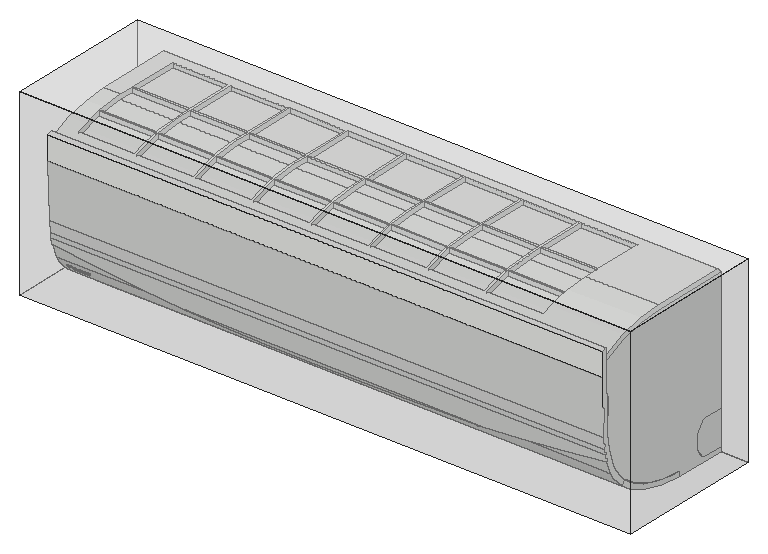
Revit family "outputfile", category 機械設備, Revit 2024
Family settings
  丸型コネクタ寸法 = 半径を使用
  パーツ タイプ = 標準
  OmniClass 番号 = 23.75.10.24.21.27.27
  OmniClass タイトル = Split System Air Conditioning Units
  作業面ベース = いいえ
  常に垂直 = はい
  ロード時にボイドで切り取り = いいえ
  注釈の向きを維持 = いいえ
  共有 = いいえ
  部屋計算ポイント = いいえ
Parameters (values of type "FTKM60QVMA")
  Description = ""
  書き出し IFC クラス(タイプ) = "IfcUnitaryEquipmentType"
  定義済み IFC タイプ(タイプ) = "AIRCONDITIONINGUNIT"
  Cost = 0
  Type Comments = ""
  Keynote = ""
  Type Image = (empty or 0)
  Assembly Code = ""
  w_wall hole = if(Width = 770.0 mm, 48.0 mm, 60.0 mm)  # 60.0 mm
  製造元 = "Daikin"
  モデル = "FTKM60QVMA"
  switch_frequency = yes
  r_Liquid Pipe Size = Liquid Pipe Size / 2  # 3.2 mm
  r_Gas Pipe Size = Gas Pipe Size / 2  # 6.35 mm
  r_Drain Pipe Size = Drain Pipe Size / 2  # 8.0 mm
  lw_powersupply [instance] = if(Width = 770.0 mm, if(or(Rear Right Connection_refrigerant, Bottom Right Connection_refrigerant), 25.0 mm, if(or(Rear Left Connection_refrigerant, Bottom Left Connection_refrigerant), 745.0 mm, 400.0 mm)), if(Width = 990.0 mm, if(or(Rear Right Connection_refrigerant, Bottom Right Connection_refrigerant), 40.0 mm, if(or(Rear Left Connection_refrigerant, Bottom Left Connection_refrigerant), 920.0 mm, 400.0 mm)), if(or(Rear Right Connection_refrigerant, Bottom Right Connection_refrigerant), 40.0 mm, if(or(Rear Left Connection_refrigerant, Bottom Left Connection_refrigerant), 920.0 mm, 400.0 mm))))  # 400.0 mm
  lw_liquidpipe [instance] = if(Width = 770.0 mm, if(or(Rear Right Connection_refrigerant, Bottom Right Connection_refrigerant), 0.0 mm, if(or(Rear Left Connection_refrigerant, Bottom Left Connection_refrigerant), 664.0 mm, 385.0 mm)), if(Width = 900.0 mm, if(or(Rear Right Connection_refrigerant, Bottom Right Connection_refrigerant), 0.0 mm, if(or(Rear Left Connection_refrigerant, Bottom Left Connection_refrigerant), 664.0 mm + (990.0 mm - 770.0 mm), 475.0 mm)), if(or(Rear Right Connection_refrigerant, Bottom Right Connection_refrigerant), 0.0 mm, if(or(Rear Left Connection_refrigerant, Bottom Left Connection_refrigerant), 664.0 mm + (990.0 mm - 770.0 mm), 475.0 mm))))  # 475.0 mm
  lw_gaspipe [instance] = if(Width = 770.0 mm, if(or(Rear Right Connection_refrigerant, Bottom Right Connection_refrigerant), 0.0 mm, if(or(Rear Left Connection_refrigerant, Bottom Left Connection_refrigerant), 675.0 mm, if(Gas Pipe Size = 12.7 mm, 345.0 mm, 335.0 mm))), if(Width = 990.0 mm, if(or(Rear Right Connection_refrigerant, Bottom Right Connection_refrigerant), 10.0 mm, if(or(Rear Left Connection_refrigerant, Bottom Left Connection_refrigerant), 890.0 mm, if(Gas Pipe Size = 15.9 mm, 410.0 mm, 400.0 mm))), if(or(Rear Right Connection_refrigerant, Bottom Right Connection_refrigerant), 10.0 mm, if(or(Rear Left Connection_refrigerant, Bottom Left Connection_refrigerant), 890.0 mm, if(Gas Pipe Size = 15.9 mm, 410.0 mm, 400.0 mm)))))  # 400.0 mm
  lw_drainpipe [instance] = if(Width = 770.0 mm, if(or(Rear Right Connection_refrigerant, Bottom Right Connection_refrigerant), 0.0 mm, if(or(Rear Left Connection_refrigerant, Bottom Left Connection_refrigerant), 770.0 mm - 48.0 mm - 48.0 mm, 440.0 mm)), if(Width = 990.0 mm, if(or(Rear Right Connection_refrigerant, Bottom Right Connection_refrigerant), 0.0 mm, if(or(Rear Left Connection_refrigerant, Bottom Left Connection_refrigerant), 675.0 mm + (990.0 mm - 770.0 mm), 435.0 mm)), if(or(Rear Right Connection_refrigerant, Bottom Right Connection_refrigerant), 0.0 mm, if(or(Rear Left Connection_refrigerant, Bottom Left Connection_refrigerant), 675.0 mm + (990.0 mm - 770.0 mm), 435.0 mm))))  # 435.0 mm
  l_powersupply_length [instance] = if(Width = 770.0 mm, if(Right Connection_refrigerant, 400.0 mm, if(Left Connection_refrigerant, 770.0 mm - 400.0 mm, if(or(Rear Left Connection_refrigerant, Rear Right Connection_refrigerant), 15.0 mm, 50.0 mm))), if(Width = 990.0 mm, if(Right Connection_refrigerant, 400.0 mm, if(Left Connection_refrigerant, 990.0 mm - 400.0 mm, if(or(Rear Left Connection_refrigerant, Rear Right Connection_refrigerant), 15.0 mm, 50.0 mm))), if(Right Connection_refrigerant, 400.0 mm, if(Left Connection_refrigerant, 990.0 mm - 400.0 mm, if(or(Rear Left Connection_refrigerant, Rear Right Connection_refrigerant), 15.0 mm, 50.0 mm)))))  # 400.0 mm
  l_liquidpipe_length [instance] = if(Width = 770.0 mm, if(Right Connection_refrigerant, 433.0 mm, if(Left Connection_refrigerant, 337.0 mm, if(or(Rear Left Connection_refrigerant, Rear Right Connection_refrigerant), 30.0 mm, 40.0 mm))), if(Width = 990.0 mm, if(Right Connection_refrigerant, 535.0 mm, if(Left Connection_refrigerant, 455.0 mm, if(or(Rear Left Connection_refrigerant, Rear Right Connection_refrigerant), 30.0 mm, 40.0 mm))), if(Right Connection_refrigerant, 535.0 mm, if(Left Connection_refrigerant, 455.0 mm, if(or(Rear Left Connection_refrigerant, Rear Right Connection_refrigerant), 30.0 mm, 40.0 mm)))))  # 535.0 mm
  l_gaspipe_length [instance] = if(Width = 770.0 mm, if(Right Connection_refrigerant, if(Gas Pipe Size = 12.7 mm, 393.0 mm, 383.0 mm), if(Left Connection_refrigerant, if(Gas Pipe Size = 12.7 mm, 770.0 mm - 393.0 mm, 770.0 mm - 383.0 mm), if(or(Rear Left Connection_refrigerant, Rear Right Connection_refrigerant), 40.0 mm, 50.0 mm))), if(Width = 990.0 mm, if(Right Connection_refrigerant, if(Gas Pipe Size = 15.9 mm, 470.0 mm, 460.0 mm), if(Left Connection_refrigerant, if(Gas Pipe Size = 15.9 mm, 990.0 mm - 470.0 mm, 990.0 mm - 460.0 mm), if(or(Rear Left Connection_refrigerant, Rear Right Connection_refrigerant), 40.0 mm, 50.0 mm))), if(Right Connection_refrigerant, if(Gas Pipe Size = 15.9 mm, 470.0 mm, 460.0 mm), if(Left Connection_refrigerant, if(Gas Pipe Size = 15.9 mm, 990.0 mm - 470.0 mm, 990.0 mm - 460.0 mm), if(or(Rear Left Connection_refrigerant, Rear Right Connection_refrigerant), 40.0 mm, 50.0 mm)))))  # 460.0 mm
  l_drainpipe_length [instance] = if(Width = 770.0 mm, if(Right Connection_refrigerant, 488.0 mm, if(Left Connection_refrigerant, 282.0 mm, if(or(Rear Left Connection_refrigerant, Rear Right Connection_refrigerant), 15.0 mm, 20.0 mm))), if(Width = 990.0 mm, if(Right Connection_refrigerant, 495.0 mm, if(Left Connection_refrigerant, 495.0 mm, if(or(Rear Left Connection_refrigerant, Rear Right Connection_refrigerant), 15.0 mm, 20.0 mm))), if(Right Connection_refrigerant, 495.0 mm, if(Left Connection_refrigerant, 495.0 mm, if(or(Rear Left Connection_refrigerant, Rear Right Connection_refrigerant), 15.0 mm, 20.0 mm)))))  # 495.0 mm
  h*** = 0.0 mm  # constant formula
  connector_voltage = Voltage_50Hz  # 230 V
  connector_powerinput = [Power Input (Cooling)]  # 0.000 kW
  connector_phase = Phase_50Hz  # 1
  angle_vertical [instance] = if(or(Bottom Left Connection_refrigerant, Bottom Right Connection_refrigerant), 0.00°, 90.00°)  # 90.00°
  angle_horizontal [instance] = if(Right Connection_refrigerant, 90.00°, if(Left Connection_refrigerant, -90.00°, if(or(Rear Left Connection_refrigerant, Rear Right Connection_refrigerant), 180.00°, 0.00°)))  # 90.00°
  Width = 990.0 mm
  Voltage_comment_50Hz = "220 - 240"
  Voltage_50Hz = 230 V
  Version = "ver.1.0"
  Unit Type = "Wall Mounted"
  Unit Mass Weight = 13.00 kg
  Unit Designation [instance] = ""
  Uniclass2015Version = "Products v1.30"
  Uniclass2015Title = "Split coil room air conditioning units"
  Uniclass2015Code = "Pr_70_65_03_86"
  URL = ""
  Total Cooling Capacity [instance] = 0.000 kW
  Sound Pressure Level_M speed (dBA) = 42
  Sound Pressure Level_L speed (dBA) = 36
  Sound Pressure Level_H speed (dBA) = 48
  Sound Power Level_H speed (dB) = 0
  Series = "Single Split_Fan Coil Unit"
  Sensible Cooling Capacity [instance] = 0.000 kW
  Refrigerant Type = "R32"
  Power Input (Cooling) = 0.000 kW
  Phase_50Hz = 1
  Option Accessory 3 [instance] = ""
  Option Accessory 2 [instance] = ""
  Option Accessory 1 [instance] = ""
  Nominal Cooling Capacity = 6.000 kW
  Minimum Circuit Amps_50Hz = 0.0 A
  Minimum Airflow = 720.00 m³/h
  Median Airflow = 900.00 m³/h
  Maximum Fuse Amps_50Hz = 0.0 A
  Maximum Airflow = 1120.00 m³/h
  Material_Casing = DAIKIN_PureWhite_Casing_indoorunit
  Load Classification = HVAC
  Liquid Pipe Size = 6.4 mm
  Link_Nested Family [instance] = ""
  IfcVersion = ""
  IfcExportType = "AIRCONDITIONINGUNIT"
  IfcExportAs = "IfcUnitaryEquipmentType"
  Height = 295.0 mm
  Heat Exchanger Type = "Cross Fin Coil"
  Gas Pipe Size = 12.7 mm
  Frequency_50Hz = 50 Hz
  Fan Type = "Cross Flow Fan"
  Fan Drive = "Direct Drive"
  FCU Tag No. [instance] = ""
  Drain Pipe Size = 16.0 mm
  Design Supply Airflow [instance] = 0.00 m³/h
  Depth = 263.0 mm
  既定の高さ = 0.0 mm
  Cooling Entering Wet Bulb Temperature [instance] = 0.00 °C
  Cooling Entering Dry Bulb Temperature [instance] = 0.00 °C
  Cooling Ambient Wet Bulb Temperature [instance] = 0.00 °C
  Cooling Ambient Dry Bulb Temperature [instance] = 0.00 °C
  Clearance visibility [instance] = yes
  Clearance Top = 30.0 mm
  Clearance Right = 50.0 mm
  Clearance Rear = 0.0 mm
  Clearance Left = 50.0 mm
  Clearance Front = 0.0 mm
  Clearance Bottom = 0.0 mm
  Bottom Right Connection_refrigerant [instance] = no
  Bottom Left Connection_refrigerant [instance] = no
  Rear Right Connection_refrigerant [instance] = no
  Rear Left Connection_refrigerant [instance] = no
  Right Connection_refrigerant [instance] = yes
  Left Connection_refrigerant [instance] = no
Reference planes
  plane 1 "Back": y = 0
  plane 2: z = 0
  plane 3 "Center (Left/Right)": x = 0
  plane 4 "Center (Front/Back)": y = -131.5
  plane 5 "Front": y = -263
  plane 6 "Left": x = -495
  plane 7 "Right": x = 495
  plane 8 "Top": z = 0
  plane 9 "Bottom": z = -295
  plane 10: x = -545
  plane 11: x = 545
  plane 12: y = 0
  plane 13: y = -263
  plane 14: z = 30
  plane 15: z = -295
  plane 16 "lw_Piping and Wiring intake": x = 435
  plane 17 "lw_gaspipe": x = 35
  plane 18 "lw_liquidpipe": x = -40
  plane 19 "lw_drainpipe": x = 0
  plane 20 "lh_drainpipe": z = -275
  plane 21 "lh_liquidpipe": z = -255
  plane 22 "lh_gaspipe": z = -245
  plane 23 "ld_drainpipe": y = -15
  plane 24 "ld_liquidpipe": y = -30
  plane 25 "ld_gaspipe": y = -40
  plane 26 "lw_powersupply": x = 95
Dimensions and locks
  equal spacing: plane 6 "Left", plane 3 "Center (Left/Right)", plane 7 "Right"
  "Width": plane 6 "Left" to plane 7 "Right"
  equal spacing: plane 5 "Front", plane 4 "Center (Front/Back)", plane 1 "Back"
  "Depth": plane 5 "Front" to plane 1 "Back"
  "Height": plane 8 "Top" to plane 9 "Bottom"
  "Clearance Rear": plane 12 to plane 1 "Back"
  "Clearance Front": plane 13 to plane 5 "Front"
  "Clearance Top": plane 14 to plane 8 "Top"
  "Clearance Bottom": plane 9 "Bottom" to plane 15
  "w_wall hole": plane 16 "lw_Piping and Wiring intake" to plane 7 "Right"
  "lw_gaspipe": plane 17 "lw_gaspipe" to plane 16 "lw_Piping and Wiring intake"
  "lw_liquidpipe": plane 18 "lw_liquidpipe" to plane 16 "lw_Piping and Wiring intake"
  "lw_drainpipe": plane 19 "lw_drainpipe" to plane 16 "lw_Piping and Wiring intake"
  locked: plane 20 "lh_drainpipe" to plane 9 "Bottom" at 20
  locked: plane 21 "lh_liquidpipe" to plane 9 "Bottom" at 40
  locked: plane 22 "lh_gaspipe" to plane 9 "Bottom" at 50
  locked: plane 23 "ld_drainpipe" to plane 1 "Back" at 15
  locked: plane 1 "Back" to plane 24 "ld_liquidpipe" at 30
  locked: plane 1 "Back" to plane 25 "ld_gaspipe" at 40
  "lw_powersupply": plane 26 "lw_powersupply" to plane 7 "Right"
  "Clearance Right": plane 7 "Right" to plane 11
  "Clearance Left": plane 10 to plane 6 "Left"
  aligned and locked: level to plane 2
  aligned and locked: plane 12 to nested 1
  aligned and locked: nested 1 to plane 13
  aligned and locked: plane 10 to nested 1
  aligned and locked: plane 11 to nested 1
  aligned and locked: plane 15 to nested 1
  aligned and locked: plane 14 to nested 1
  aligned and locked: plane 17 "lw_gaspipe" to nested 2
  aligned and locked: nested 2 to plane 25 "ld_gaspipe"
  aligned and locked: plane 18 "lw_liquidpipe" to nested 3
  aligned and locked: nested 3 to plane 24 "ld_liquidpipe"
  aligned and locked: plane 19 "lw_drainpipe" to nested 4
  aligned and locked: nested 4 to plane 23 "ld_drainpipe"
  aligned and locked: nested 5 to plane 23 "ld_drainpipe"
  aligned and locked: plane 26 "lw_powersupply" to nested 5
  aligned and locked: level to plane 8 "Top"
  aligned and locked: plane 3 "Center (Left/Right)" to nested 6
  aligned and locked: plane 1 "Back" to nested 6
  aligned and locked: plane 8 "Top" to nested 6
Nested families
  nested 1: "daikin_clearancespace" at (0, -131.5, -132.381), show <- "Clearance visibility", visible <- "Clearance visibility", Link_Nested Family <- "Link_Nested Family", type "daikin_clearancespace"
    with width 1090.0 mm, show yes, height 325.0 mm, depth 263.0 mm, Link_Nested Family ""
  nested 2: "daikin_connector_rotate3" at (35, -40, -245), angle_vertical <- "angle_vertical", angle_horizontal <- "angle_horizontal", length <- "l_gaspipe_length", radius <- "r_Gas Pipe Size", type "daikin_connector_rotate3"
    with show no, radius 6.35 mm, length 460.0 mm, angle_vertical 90.00°, angle_horizontal 90.00°
  nested 3: "daikin_connector_rotate3" at (-40, -30, -255), angle_vertical <- "angle_vertical", angle_horizontal <- "angle_horizontal", radius <- "r_Liquid Pipe Size", length <- "l_liquidpipe_length", type "daikin_connector_rotate3"
    with show no, radius 3.2 mm, length 535.0 mm, angle_vertical 90.00°, angle_horizontal 90.00°
  nested 4: "daikin_connector_rotate3" at (0, -15, -275), angle_vertical <- "angle_vertical", angle_horizontal <- "angle_horizontal", length <- "l_drainpipe_length", radius <- "r_Drain Pipe Size", type "daikin_connector_rotate3"
    with show no, radius 8.0 mm, length 495.0 mm, angle_vertical 90.00°, angle_horizontal 90.00°
  nested 5: "daikin_connector_rotate3" at (95, -15, -245), angle_vertical <- "angle_vertical", angle_horizontal <- "angle_horizontal", length <- "l_powersupply_length", type "daikin_connector_rotate3"
    with show no, radius 10.0 mm, length 400.0 mm, angle_vertical 90.00°, angle_horizontal 90.00°
  nested 6: "DAIKIN_indoorunit_FTKM-QVMA" at (-31, 0, 0), type "FTKM-QVMA"
    with switch_unit1_50-71 yes, switch_unit1_20-46 no, Width 990.0 mm, WALL HOLE-R 60.0 mm, WALL HOLE Size 80.0 mm, Height 295.0 mm
Connectors
  piping at (495, -40, -245), diameter 12.7, driven by "r_Gas Pipe Size"
    settings: on nested 2, index 1, connector inside diameter 609.6 mm, connector length 0.0 mm, flow factor 0, pipe flow 0.00 m³/h, pressure drop 0.0 Pa, fitting loss kfactor 0, connector angle 0.00°, fixture units 0, engagement length 0.0 mm, angle of deflection 0.00°, flow configuration 1, flow direction 2, fitting loss method 0, system type 29, joint type 0, gender type 0, connector reference index -1, connector utility 0, adjustable connector no, is connector primary yes, connector description "Refrigerant Gas Piping"
  piping at (495, -30, -255), diameter 6.4, driven by "r_Liquid Pipe Size"
    settings: on nested 3, index 2, connector inside diameter 609.6 mm, connector length 0.0 mm, flow factor 0, pipe flow 0.00 m³/h, pressure drop 0.0 Pa, fitting loss kfactor 0, connector angle 0.00°, fixture units 0, engagement length 0.0 mm, angle of deflection 0.00°, flow configuration 1, flow direction 1, fitting loss method 0, system type 29, joint type 0, gender type 0, connector reference index -1, connector utility 0, adjustable connector no, is connector primary no, connector description "Refrigerant Liquid Piping"
  piping at (495, -15, -275), diameter 16, driven by "r_Drain Pipe Size"
    settings: on nested 4, index 3, connector inside diameter 609.6 mm, connector length 0.0 mm, flow factor 0, pipe flow 0.00 m³/h, pressure drop 0.0 Pa, fitting loss kfactor 0, connector angle 0.00°, fixture units 0, engagement length 0.0 mm, angle of deflection 0.00°, flow configuration 1, flow direction 2, fitting loss method 4, system type 16, joint type 0, gender type 0, connector reference index -1, connector utility 0, adjustable connector no, is connector primary no, connector description "Condensate Drain Piping"
  electrical at (495, -15, -245), driven by "Load Classification", driven by "connector_powerinput", driven by "connector_voltage", driven by "connector_phase"
    settings: on nested 5, index 4, voltage 230 V, apparent load 0 VA, apparent load phase1 0 VA, apparent load phase2 0 VA, apparent load phase3 0 VA, power factor 1, load classification "HVAC", number of poles 1, system type 30, power factor state 1, is connector primary yes, connector utility no, sub classification motor no, connector description "Power Supply"
Definition of nested family "daikin_clearancespace"
  Parameters (values of type "daikin_clearancespace")
    Description = "daikin_clearancespace"
    width [instance] = 1823.963 mm
    show [instance] = yes
    material = none
    height [instance] = 1359.762 mm
    depth [instance] = 880.0 mm
    Default Elevation = 0.0 mm
    Link_Nested Family [instance] = ""
  Reference planes
    plane 1 "Center (Front/Back)": y = 0
    plane 2 "Center (Elevation)": z = -0.119
    plane 3 "Center (Left/Right)": x = 0
    plane 4: y = 440
    plane 5: y = -440
    plane 6 "Right": x = 911.982
    plane 7 "Left": x = -911.982
    plane 8 "Top": z = 679.762
    plane 9 "Bottom": z = -680
  Forms (mm)
    Extrusion 1, solid, material <- "material", visible <- "show"
      sketch origin (0, 0, 0) x (1, 0, 0) y (0, 1, 0)
        loop
          line (-911.982, 440) -> (-911.982, -440) -> (911.982, -440) -> (911.982, 440) -> (-911.982, 440)
      from -680 to 679.762
  Lines and regions (mm)
    symbolic lines, visible <- "show"
      curve 1: line (911.982, 440, 0) -> (-911.982, 440, 0)
      curve 2: line (-911.982, 440, 0) -> (-911.982, -440, 0)
      curve 3: line (-911.982, -440, 0) -> (911.982, -440, 0)
      curve 4: line (911.982, -440, 0) -> (911.982, 440, 0)
      curve 5: line (911.982, 0, 679.762) -> (-911.982, 0, 679.762)
      curve 6: line (911.982, 0, -680) -> (911.982, 0, 679.762)
      curve 7: line (-911.982, 0, -680) -> (911.982, 0, -680)
      curve 8: line (-911.982, 0, 679.762) -> (-911.982, 0, -680)
      curve 9: line (0, 440, 679.762) -> (0, -440, 679.762)
      curve 10: line (0, -440, 679.762) -> (0, -440, -680)
      curve 11: line (0, 440, -680) -> (0, 440, 679.762)
      curve 12: line (0, -440, -680) -> (0, 440, -680)
  Dimensions and locks
    "width": plane 7 "Left" to plane 6 "Right"
    "depth": plane 4 to plane 5
    "height": plane 8 "Top" to plane 9 "Bottom"
    equal spacing: plane 7 "Left", plane 3 "Center (Left/Right)", plane 6 "Right"
    equal spacing: plane 4, plane 1 "Center (Front/Back)", plane 5
    equal spacing: plane 8 "Top", plane 2 "Center (Elevation)", plane 9 "Bottom"
    aligned and locked: level to plane 2 "Center (Elevation)"
    aligned and locked: Extrusion 1 sketch curve to plane 4
    aligned and locked: plane 7 "Left" to Extrusion 1 sketch curve
    aligned and locked: Extrusion 1 sketch curve to plane 5
    aligned and locked: Extrusion 1 sketch curve to plane 6 "Right"
    aligned and locked: plane 8 "Top" to Extrusion 1
    aligned and locked: curve 1 to Extrusion 1
    aligned and locked: curve 2 to Extrusion 1
    aligned and locked: curve 3 to Extrusion 1
    aligned and locked: curve 4 to Extrusion 1
    aligned and locked: curve 5 to Extrusion 1
    aligned and locked: curve 6 to Extrusion 1
    aligned and locked: curve 7 to Extrusion 1
    aligned and locked: curve 8 to Extrusion 1
    aligned and locked: curve 9 to Extrusion 1
    aligned and locked: curve 10 to Extrusion 1
    aligned and locked: curve 11 to Extrusion 1
    aligned and locked: curve 12 to Extrusion 1
    aligned and locked: Extrusion 1 to plane 9 "Bottom"
Definition of nested family "DAIKIN_indoorunit_FTKM-QVMA"
  Parameters (values of type "FTKM-QVMA")
    switch_unit1_50-71 = Width = 990.0 mm  # no
    switch_unit1_20-46 = Width = 770.0 mm  # yes
    Width = 770.0 mm
    WALL HOLE-R = if(Width = 770.0 mm, 48.0 mm, 60.0 mm)  # 48.0 mm
    WALL HOLE Size = if(Width = 770.0 mm, 65.0 mm, 80.0 mm)  # 65.0 mm
    Material_Casing = none
    Height = if(Width = 770.0 mm, 285.0 mm, 295.0 mm)  # 285.0 mm
    Default Elevation = 0.0 mm
  Reference planes
    plane 1 "Center (Front/Back)": y = 0
    plane 2 "reference_level": z = 0
    plane 3 "Center (Left/Right)": x = 31
    plane 4: x = -354
    plane 5: x = 416
    plane 6: z = -285
  Forms (mm)
    Extrusion 1, solid, material <- "Material_Casing", visible <- "switch_unit1_20-46"
      sketch origin (29, 0, 0) x (0, 1, 0) y (0, 0, 1)
        loop
          line (-5, 0) -> (-98, 0)
          arc (-98, 0) -> (-157.611, -7.211) -> (-213.783, -28.427) r 250
          arc (-213.783, -28.427) -> (-213.842, -32.972) -> (-213.892, -37.516) r 2191
          arc (-213.892, -37.516) -> (-157.832, -15.495) -> (-98.07, -8) r 242
          line (-98.07, -8) -> (0, -8) -> (-5, 0)
      from -383 to 387
    Extrusion 2, solid, material <- "Material_Casing", visible <- "switch_unit1_20-46"
      sketch origin (416, 1296.25, 1200) x (0, 1, 0) y (0, 0, 1)
        loop
          line (-1472.998, -1446.91) -> (-1476.998, -1453.839)
          arc (-1476.998, -1453.839) -> (-1437.481, -1472.422) -> (-1395.25, -1483.538) r 240
          line (-1395.25, -1483.538) -> (-1395.25, -1475.422)
          arc (-1395.25, -1475.422) -> (-1435.407, -1464.663) -> (-1472.998, -1446.91) r 232
      from 0 to -47.5
    Extrusion 3, solid, material <- "Material_Casing", visible <- "switch_unit1_20-46"
      sketch origin (29, 0, 0) x (0, 1, 0) y (0, 0, 1)
        loop
          arc (-223, -60.455) -> (-222.414, -110.646) -> (-220.656, -160.81) r 2149.92
          arc (-220.656, -160.81) -> (-219.65, -174.299) -> (-217.853, -187.706) r 229.911
          arc (-217.853, -187.706) -> (-205.371, -223.594) -> (-181.517, -253.17) r 111
          line (-181.517, -253.17) -> (-177.429, -246.093)
          arc (-177.429, -246.093) -> (-198.77, -218.989) -> (-209.965, -186.36) r 103
          arc (-209.965, -186.36) -> (-211.681, -173.586) -> (-212.651, -160.735) r 221.844
          arc (-212.651, -160.735) -> (-214.739, -93.233) -> (-214.74, -25.699) r 2186.828
          arc (-214.74, -25.699) -> (-214.671, -21.467) -> (-214.594, -17.235) r 2192
          line (-214.594, -17.235) -> (-223, -19.961) -> (-223, -60.455)
      from -383 to 387
    Extrusion 4, solid, material <- "Material_Casing", visible <- "switch_unit1_20-46"
      sketch origin (29, 0, 0) x (0, 1, 0) y (0, 0, 1)
        loop
          line (-181.517, -253.17) -> (-179.597, -249.846)
          arc (-179.597, -249.846) -> (-202.009, -221.399) -> (-213.189, -186.952) r 103
          line (-213.189, -186.952) -> (-217.853, -187.706)
          arc (-217.853, -187.706) -> (-217.533, -189.556) -> (-217.182, -191.4) r 111
          arc (-217.182, -191.4) -> (-213.806, -208.181) -> (-210.362, -224.948) r 4257.809
          arc (-210.362, -224.948) -> (-198.886, -237.857) -> (-186.225, -249.607) r 180
          line (-186.225, -249.607) -> (-181.517, -253.17)
      from -383 to 387
    Extrusion 5, solid, material <- "Material_Casing", visible <- "switch_unit1_20-46"
      sketch origin (29, 0, -20) x (0, 1, 0) y (0, 0, 1)
        loop
          line (0, -265) -> (0, 12) -> (-98.07, 12)
          arc (-98.07, 12) -> (-157.832, 4.505) -> (-213.892, -17.516) r 242
          arc (-213.892, -17.516) -> (-213.638, -79.114) -> (-211.653, -140.681) r 2191
          arc (-211.653, -140.681) -> (-210.685, -153.501) -> (-208.973, -166.243) r 221
          arc (-208.973, -166.243) -> (-197.471, -199.282) -> (-175.482, -226.491) r 102
          arc (-175.482, -226.491) -> (-138.004, -244.019) -> (-98, -254.579) r 231
          line (-98, -254.579) -> (-98, -265) -> (0, -265)
      from -383 to 387
    Extrusion 6, solid, material <- "Material_Casing", visible <- "switch_unit1_20-46"
      sketch origin (-354, 1296.25, 1200) x (0, 1, 0) y (0, 0, 1)
        loop
          line (-1472.998, -1446.91) -> (-1476.998, -1453.839)
          arc (-1476.998, -1453.839) -> (-1437.481, -1472.422) -> (-1395.25, -1483.538) r 240
          line (-1395.25, -1483.538) -> (-1395.25, -1475.422)
          arc (-1395.25, -1475.422) -> (-1435.407, -1464.663) -> (-1472.998, -1446.91) r 232
      from 47 to 0
    Extrusion 7, solid, material <- "Material_Casing", visible <- "switch_unit1_20-46"
      sketch origin (416, 1296.25, 1200) x (0, 1, 0) y (0, 0, 1)
        loop
          line (-1472.998, -1446.91) -> (-1476.998, -1453.839)
          arc (-1476.998, -1453.839) -> (-1443.437, -1470.168) -> (-1407.75, -1481.097) r 240
          line (-1407.75, -1481.097) -> (-1407.75, -1472.894)
          arc (-1407.75, -1472.894) -> (-1441.363, -1462.385) -> (-1472.998, -1446.91) r 232
      from -116.993 to -48.493
    Extrusion 8, solid, material <- "Material_Casing", visible <- "switch_unit1_20-46"
      sketch origin (416, 1296.25, 1200) x (0, 1, 0) y (0, 0, 1)
        loop
          line (-1472.998, -1446.91) -> (-1476.998, -1453.839)
          arc (-1476.998, -1453.839) -> (-1443.437, -1470.168) -> (-1407.75, -1481.097) r 240
          line (-1407.75, -1481.097) -> (-1407.75, -1472.894)
          arc (-1407.75, -1472.894) -> (-1441.363, -1462.385) -> (-1472.998, -1446.91) r 232
      from -717 to -121.993
    Extrusion 9, void
      sketch origin (31, 0, -235) x (1, 0, 0) y (0, 1, 0)
        loop
          line (-252.674, -22.316) -> (-354.941, -22.316) -> (-354.941, -91.341) -> (-252.674, -91.341) -> (-252.674, -22.316)
        loop
          line (-249.341, -91.341) -> (-151.574, -91.341) -> (-151.574, -22.316) -> (-249.341, -22.316) -> (-249.341, -91.341)
        loop
          line (58.309, -22.316) -> (-148.309, -22.316) -> (-148.309, -91.341) -> (58.309, -91.341) -> (58.309, -22.316)
        loop
          line (61.689, -22.316) -> (61.689, -91.341) -> (159.457, -91.341) -> (159.457, -22.316) -> (61.689, -22.316)
        loop
          line (162.789, -22.316) -> (162.789, -91.341) -> (265.057, -91.341) -> (265.057, -22.316) -> (162.789, -22.316)
        loop
          line (-354.941, -94.659) -> (-354.941, -165.259) -> (-252.674, -165.259) -> (-252.674, -94.659) -> (-354.941, -94.659)
        loop
          line (-249.341, -94.659) -> (-249.341, -165.259) -> (-151.574, -165.259) -> (-151.574, -94.659) -> (-249.341, -94.659)
        loop
          line (-148.309, -94.659) -> (-148.309, -165.259) -> (58.309, -165.259) -> (58.309, -94.659) -> (-148.309, -94.659)
        loop
          line (61.689, -94.659) -> (61.689, -165.259) -> (159.457, -165.259) -> (159.457, -94.659) -> (61.689, -94.659)
        loop
          line (162.789, -94.659) -> (162.789, -165.259) -> (265.057, -165.259) -> (265.057, -94.659) -> (162.789, -94.659)
        loop
          line (-354.941, -167.382) -> (-354.941, -192.681) -> (-252.674, -192.681) -> (-252.674, -167.382) -> (-354.941, -167.382)
        loop
          line (-249.341, -167.382) -> (-249.341, -192.681) -> (-151.574, -192.681) -> (-151.574, -167.382) -> (-249.341, -167.382)
        loop
          line (-148.309, -167.382) -> (-148.309, -192.681) -> (58.309, -192.681) -> (58.309, -167.382) -> (-148.309, -167.382)
        loop
          line (159.457, -167.382) -> (61.689, -167.382) -> (61.689, -192.681) -> (159.457, -192.681) -> (159.457, -167.382)
        loop
          line (265.057, -167.382) -> (162.789, -167.382) -> (162.789, -192.681) -> (265.057, -192.681) -> (265.057, -167.382)
      from 201.638 to 250
    Extrusion 10, void
      sketch origin (31, 0, 0) x (1, 0, 0) y (0, 0, 1)
        loop
          arc (597, -174.907) -> (0.056, -245.263) -> (-597, -175.856) r 2585.042
          line (-597, -175.856) -> (-597, -352.872) -> (597, -352.872) -> (597, -174.907)
      from 173 to 315.3
    Extrusion 11, solid, material <- "Material_Casing"
      sketch origin (31, 0, 0) x (1, 0, 0) y (0, 0, 1)
        loop
          circle (337, -240.5) r 32.5
        loop
          circle (-337, -240.5) r 32.5
      from 0 to 5
    Extrusion 12, solid, material <- "Material_Casing", visible <- "switch_unit1_20-46"
      sketch origin (416, 1296.25, 1200) x (0, -1, 0) y (0, 0, 1)
        loop
          line (1326.25, -1417) -> (1296.25, -1417) -> (1296.25, -1477) -> (1326.25, -1477)
          arc (1326.25, -1477) -> (1340.393, -1471.142) -> (1346.25, -1457) r 20
          line (1346.25, -1457) -> (1346.25, -1437)
          arc (1346.25, -1437) -> (1340.393, -1422.858) -> (1326.25, -1417) r 20
      from 0 to 5
    Extrusion 13, solid, material <- "Material_Casing", visible <- "switch_unit1_20-46"
      sketch origin (-354, 1296.25, 1200) x (0, 1, 0) y (0, 0, 1)
        loop
          line (-1296.25, -1417) -> (-1326.25, -1417)
          arc (-1326.25, -1417) -> (-1340.393, -1422.858) -> (-1346.25, -1437) r 20
          line (-1346.25, -1437) -> (-1346.25, -1457)
          arc (-1346.25, -1457) -> (-1340.393, -1471.142) -> (-1326.25, -1477) r 20
          line (-1326.25, -1477) -> (-1296.25, -1477) -> (-1296.25, -1417)
      from 0 to 5
    Extrusion 14, solid, material <- "Material_Casing", visible <- "switch_unit1_20-46"
      sketch origin (31, 0, -285) x (-1, 0, 0) y (0, -1, 0)
        loop
          line (-314, 0) -> (-314, 30)
          arc (-314, 30) -> (-319.858, 44.142) -> (-334, 50) r 20
          line (-334, 50) -> (-354, 50)
          arc (-354, 50) -> (-368.142, 44.142) -> (-374, 30) r 20
          line (-374, 30) -> (-374, 0) -> (-314, 0)
        loop
          line (374, 0) -> (374, 30)
          arc (374, 30) -> (368.142, 44.142) -> (354, 50) r 20
          line (354, 50) -> (334, 50)
          arc (334, 50) -> (319.858, 44.142) -> (314, 30) r 20
          line (314, 30) -> (314, 0) -> (374, 0)
      from 0 to 5
    Extrusion 15, solid, material <- "Material_Casing", visible <- "switch_unit1_50-71"
      sketch origin (31, 0, 0) x (0, 1, 0) y (0, 0, 1)
        loop
          line (-5, 0) -> (-138, 0)
          arc (-138, 0) -> (-197.611, -7.211) -> (-253.783, -28.427) r 250
          arc (-253.783, -28.427) -> (-253.838, -32.687) -> (-253.886, -36.946) r 2191
          arc (-253.886, -36.946) -> (-197.73, -15.346) -> (-138.014, -8) r 246.393
          line (-138.014, -8) -> (0, -8) -> (-5, 0)
      from -495 to 495
    Extrusion 16, solid, material <- "Material_Casing", visible <- "switch_unit1_50-71"
      sketch origin (418, 1296.25, 1200) x (0, 1, 0) y (0, 0, 1)
        loop
          arc (-1515.208, -1454.149) -> (-1506.856, -1460.599) -> (-1497.925, -1466.219) r 110
          arc (-1497.925, -1466.219) -> (-1445.718, -1487.493) -> (-1389.844, -1494.995) r 223
          line (-1389.844, -1494.995) -> (-1389.844, -1486.086) -> (-1404.386, -1486.086)
          arc (-1404.386, -1486.086) -> (-1449.542, -1477.46) -> (-1491.818, -1459.402) r 214.289
          arc (-1491.818, -1459.402) -> (-1501.056, -1453.541) -> (-1509.606, -1446.715) r 101
          line (-1509.606, -1446.715) -> (-1515.208, -1454.149)
      from 108 to 57.5
    Extrusion 17, solid, material <- "Material_Casing", visible <- "switch_unit1_50-71"
      sketch origin (31, 0, 0) x (0, 1, 0) y (0, 0, 1)
        loop
          line (-263, -19.962) -> (-263, -61.6)
          arc (-263, -61.6) -> (-262.414, -110.219) -> (-260.656, -158.81) r 2017.341
          arc (-260.656, -158.81) -> (-255.648, -191.935) -> (-244.041, -223.362) r 164.725
          arc (-244.041, -223.362) -> (-233.569, -239.793) -> (-219.717, -253.495) r 87.379
          line (-219.717, -253.495) -> (-214.706, -246.846)
          arc (-214.706, -246.846) -> (-229.564, -230.029) -> (-240.385, -210.371) r 102
          arc (-240.385, -210.371) -> (-249.049, -182.962) -> (-252.848, -154.467) r 165.789
          arc (-252.848, -154.467) -> (-254.771, -90.102) -> (-254.74, -25.708) r 2122.533
          arc (-254.74, -25.708) -> (-254.671, -21.469) -> (-254.594, -17.23) r 2192
          line (-254.594, -17.23) -> (-263, -19.962)
      from -495 to 495
    Extrusion 18, void
      sketch origin (33, 0, 0) x (1, 0, 0) y (0, 1, 0)
        loop
          line (-466.909, -22.316) -> (-466.909, -111.341) -> (-366.303, -111.341) -> (-366.303, -22.316) -> (-466.909, -22.316)
        loop
          line (-362.71, -22.316) -> (-362.71, -111.341) -> (-262.103, -111.341) -> (-262.103, -22.316) -> (-362.71, -22.316)
        loop
          line (-258.51, -22.316) -> (-258.51, -111.341) -> (-157.904, -111.341) -> (-157.904, -22.316) -> (-258.51, -22.316)
        loop
          line (-154.31, -22.316) -> (-154.31, -111.341) -> (-53.704, -111.341) -> (-53.704, -22.316) -> (-154.31, -22.316)
        loop
          line (-50.11, -22.316) -> (-50.11, -111.341) -> (50.496, -111.341) -> (50.496, -22.316) -> (-50.11, -22.316)
        loop
          line (54.089, -22.316) -> (54.089, -111.341) -> (154.696, -111.341) -> (154.696, -22.316) -> (54.089, -22.316)
        loop
          line (158.289, -22.316) -> (158.289, -111.341) -> (258.895, -111.341) -> (258.895, -22.316) -> (158.289, -22.316)
        loop
          line (262.489, -22.316) -> (262.489, -111.341) -> (363.095, -111.341) -> (363.095, -22.316) -> (262.489, -22.316)
        loop
          line (-466.909, -114.459) -> (-466.909, -185.059) -> (-366.303, -185.059) -> (-366.303, -114.459) -> (-466.909, -114.459)
        loop
          line (-362.71, -114.459) -> (-362.71, -185.059) -> (-262.103, -185.059) -> (-262.103, -114.459) -> (-362.71, -114.459)
        loop
          line (-258.51, -114.459) -> (-258.51, -185.059) -> (-157.904, -185.059) -> (-157.904, -114.459) -> (-258.51, -114.459)
        loop
          line (-154.31, -114.459) -> (-154.31, -185.059) -> (-53.704, -185.059) -> (-53.704, -114.459) -> (-154.31, -114.459)
        loop
          line (-50.11, -114.459) -> (-50.11, -185.059) -> (50.496, -185.059) -> (50.496, -114.459) -> (-50.11, -114.459)
        loop
          line (54.089, -114.459) -> (54.089, -185.059) -> (154.696, -185.059) -> (154.696, -114.459) -> (54.089, -114.459)
        loop
          line (158.289, -114.459) -> (158.289, -185.059) -> (258.895, -185.059) -> (258.895, -114.459) -> (158.289, -114.459)
        loop
          line (262.489, -114.459) -> (262.489, -185.059) -> (363.095, -185.059) -> (363.095, -114.459) -> (262.489, -114.459)
        loop
          line (-466.909, -187.382) -> (-466.909, -232.681) -> (-366.303, -232.681) -> (-366.303, -187.382) -> (-466.909, -187.382)
        loop
          line (-362.71, -187.382) -> (-362.71, -232.681) -> (-262.103, -232.681) -> (-262.103, -187.382) -> (-362.71, -187.382)
        loop
          line (-258.51, -187.382) -> (-258.51, -232.681) -> (-157.904, -232.681) -> (-157.904, -187.382) -> (-258.51, -187.382)
        loop
          line (-154.31, -187.382) -> (-154.31, -232.681) -> (-53.704, -232.681) -> (-53.704, -187.382) -> (-154.31, -187.382)
        loop
          line (-50.11, -187.382) -> (-50.11, -232.681) -> (50.496, -232.681) -> (50.496, -187.382) -> (-50.11, -187.382)
        loop
          line (54.089, -187.382) -> (54.089, -232.681) -> (154.696, -232.681) -> (154.696, -187.382) -> (54.089, -187.382)
        loop
          line (158.289, -187.382) -> (158.289, -232.681) -> (258.895, -232.681) -> (258.895, -187.382) -> (158.289, -187.382)
        loop
          line (262.489, -187.382) -> (262.489, -232.681) -> (363.095, -232.681) -> (363.095, -187.382) -> (262.489, -187.382)
      from -40.013 to 47.268
    Extrusion 19, void
      sketch origin (33, 0, 2300) x (1, 0, 0) y (0, 0, 1)
        loop
          line (705, -2672.872) -> (705, -2462.4)
          arc (705, -2462.4) -> (-2.043, -2534.819) -> (-709, -2461.567) r 3467.757
          line (-709, -2461.567) -> (-709, -2672.872) -> (705, -2672.872)
      from 173 to 315.3
    Extrusion 20, solid, material <- "Material_Casing", visible <- "switch_unit1_50-71"
      sketch origin (-356, 1296.25, 1200) x (0, 1, 0) y (0, 0, -1)
        loop
          line (-1515.208, 1454.149) -> (-1509.606, 1446.715)
          arc (-1509.606, 1446.715) -> (-1501.056, 1453.541) -> (-1491.818, 1459.402) r 101
          arc (-1491.818, 1459.402) -> (-1449.542, 1477.46) -> (-1404.386, 1486.086) r 214.289
          line (-1404.386, 1486.086) -> (-1389.844, 1486.086) -> (-1389.844, 1494.995)
          arc (-1389.844, 1494.995) -> (-1445.718, 1487.493) -> (-1497.925, 1466.219) r 223
          arc (-1497.925, 1466.219) -> (-1506.856, 1460.599) -> (-1515.208, 1454.149) r 110
      from 108 to 61
    Extrusion 21, solid, material <- "Material_Casing", visible <- "switch_unit1_50-71"
      sketch origin (418, 1296.25, 1200) x (0, 1, 0) y (0, 0, 1)
        loop
          arc (-1515.208, -1454.149) -> (-1506.856, -1460.599) -> (-1497.925, -1466.219) r 110
          arc (-1497.925, -1466.219) -> (-1463.185, -1482.066) -> (-1426.25, -1491.755) r 223
          line (-1426.25, -1491.755) -> (-1426.25, -1483.166)
          arc (-1426.25, -1483.166) -> (-1460.008, -1473.969) -> (-1491.818, -1459.402) r 214.289
          arc (-1491.818, -1459.402) -> (-1501.056, -1453.541) -> (-1509.606, -1446.715) r 101
          line (-1509.606, -1446.715) -> (-1515.208, -1454.149)
      from 56.5 to -36.993
    Extrusion 22, solid, material <- "Material_Casing", visible <- "switch_unit1_50-71"
      sketch origin (418, 1296.25, 1200) x (0, 1, 0) y (0, 0, 1)
        loop
          arc (-1426.25, -1483.166) -> (-1443.442, -1479.224) -> (-1460.25, -1473.881) r 214.289
          line (-1460.25, -1473.881) -> (-1460.25, -1483.089)
          arc (-1460.25, -1483.089) -> (-1443.421, -1488.091) -> (-1426.25, -1491.755) r 223
          line (-1426.25, -1491.755) -> (-1426.25, -1483.166)
      from -43.493 to -828.893
    Extrusion 23, solid, material <- "Material_Casing", visible <- "switch_unit1_50-71"
      sketch origin (418, 1296.25, 1200) x (0, 1, 0) y (0, 0, 1)
        loop
          arc (-1515.208, -1454.149) -> (-1506.856, -1460.599) -> (-1497.925, -1466.219) r 110
          arc (-1497.925, -1466.219) -> (-1479.479, -1475.527) -> (-1460.25, -1483.089) r 223
          line (-1460.25, -1483.089) -> (-1460.25, -1473.881)
          arc (-1460.25, -1473.881) -> (-1476.328, -1467.282) -> (-1491.818, -1459.402) r 214.289
          arc (-1491.818, -1459.402) -> (-1501.056, -1453.541) -> (-1509.606, -1446.715) r 101
          line (-1509.606, -1446.715) -> (-1515.208, -1454.149)
      from -43.493 to -828.893
    Extrusion 24, solid, material <- "Material_Casing", visible <- "switch_unit1_50-71"
      sketch origin (31, 0, 0) x (0, 1, 0) y (0, 0, 1)
        loop
          arc (-217.78, -250.924) -> (-234.088, -233.307) -> (-245.826, -212.366) r 102
          arc (-245.826, -212.366) -> (-251.608, -196.062) -> (-255.659, -179.245) r 165.789
          line (-255.659, -179.245) -> (-258.299, -179.737)
          arc (-258.299, -179.737) -> (-257.524, -183.799) -> (-256.646, -187.84) r 164.725
          arc (-256.646, -187.84) -> (-252.868, -206.25) -> (-249.973, -224.82) r 393.089
          arc (-249.973, -224.82) -> (-239.237, -236.969) -> (-227.451, -248.102) r 180
          arc (-227.451, -248.102) -> (-223.723, -250.998) -> (-219.717, -253.495) r 45.878
          line (-219.717, -253.495) -> (-217.78, -250.924)
      from -495 to 495
    Extrusion 25, solid, material <- "Material_Casing", visible <- "switch_unit1_50-71"
      sketch origin (31, 0, -30) x (0, 1, 0) y (0, 0, 1)
        loop
          line (0, 22) -> (-138.014, 22)
          arc (-138.014, 22) -> (-197.73, 14.654) -> (-253.886, -6.946) r 246.393
          arc (-253.886, -6.946) -> (-253.682, -65.635) -> (-251.855, -124.295) r 2120.935
          arc (-251.855, -124.295) -> (-248.086, -152.682) -> (-239.461, -179.988) r 164.789
          arc (-239.461, -179.988) -> (-228.903, -199.231) -> (-214.437, -215.738) r 101
          line (-214.437, -215.738) -> (-212.406, -216.221)
          arc (-212.406, -216.221) -> (-204.07, -222.837) -> (-195.079, -228.53) r 100
          arc (-195.079, -228.53) -> (-145.557, -248.629) -> (-92.593, -255.785) r 213.289
          line (-92.593, -255.785) -> (-92.593, -265) -> (0, -265) -> (0, 22)
      from -495 to 495
    Extrusion 26, solid, material <- "Material_Casing", visible <- "switch_unit1_50-71"
      sketch origin (526, 1296.25, 1200) x (0, -1, 0) y (0, 0, 1)
        loop
          line (1326.25, -1427.035) -> (1296.25, -1427.035) -> (1296.25, -1487.035) -> (1326.25, -1487.035)
          arc (1326.25, -1487.035) -> (1340.393, -1481.177) -> (1346.25, -1467.035) r 20
          line (1346.25, -1467.035) -> (1346.25, -1447.035)
          arc (1346.25, -1447.035) -> (1340.393, -1432.892) -> (1326.25, -1427.035) r 20
      from 0 to 5
    Extrusion 27, solid, material <- "Material_Casing", visible <- "switch_unit1_50-71"
      sketch origin (-459, 1296.25, 1200) x (0, -1, 0) y (0, 0, 1)
        loop
          line (1326.25, -1427.035) -> (1296.25, -1427.035) -> (1296.25, -1487.035) -> (1326.25, -1487.035)
          arc (1326.25, -1487.035) -> (1340.393, -1481.177) -> (1346.25, -1467.035) r 20
          line (1346.25, -1467.035) -> (1346.25, -1447.035)
          arc (1346.25, -1447.035) -> (1340.393, -1432.892) -> (1326.25, -1427.035) r 20
      from 0 to 5
    Extrusion 28, solid, material <- "Material_Casing", visible <- "switch_unit1_50-71"
      sketch origin (31, 200, -295) x (-1, 0, 0) y (0, -1, 0)
        loop
          line (469, 200) -> (469, 230)
          arc (469, 230) -> (463.142, 244.142) -> (449, 250) r 20
          line (449, 250) -> (429, 250)
          arc (429, 250) -> (414.858, 244.142) -> (409, 230) r 20
          line (409, 230) -> (409, 200) -> (469, 200)
        loop
          line (-469, 200) -> (-409, 200) -> (-409, 230)
          arc (-409, 230) -> (-414.858, 244.142) -> (-429, 250) r 20
          line (-429, 250) -> (-449, 250)
          arc (-449, 250) -> (-463.142, 244.142) -> (-469, 230) r 20
          line (-469, 230) -> (-469, 200)
      from 0 to 5
  Cuts and joins
    Extrusion 9 cuts Extrusion 1
    Extrusion 10 cuts Extrusion 4
    joined: Extrusion 3, Extrusion 4
    Extrusion 18 cuts Extrusion 15
    Extrusion 19 cuts Extrusion 24
    joined: Extrusion 17, Extrusion 24
  Lines and regions (mm)
    reference lines
      curve 1: line (-523, -201.911, -229.404) -> (-523, -193.542, -239.977)
      curve 2: line (-523, -240.779, -229.404) -> (-523, -232.411, -239.977)
  Dimensions and locks
    locked: Extrusion 10 sketch curve to Extrusion 10 sketch curve at 1194
    Extrusion 10 sketch curve to Extrusion 10 sketch curve = 1194.0 mm
    locked: Extrusion 12 sketch curve to Extrusion 12 sketch curve at 60
    locked: Extrusion 12 sketch curve to Extrusion 12 sketch curve at 50
    locked: Extrusion 14 sketch curve to Extrusion 14 sketch curve at 60  (x2)
    locked: Extrusion 14 sketch curve to Extrusion 14 sketch curve at 50
    equal spacing: plane 5, plane 3 "Center (Left/Right)", plane 4
    "Width": plane 5 to plane 4
    locked: Extrusion 11 sketch curve to plane 4 at 48
    "WALL HOLE-R": plane 5 to Extrusion 11 sketch curve
    "Height": plane 2 "reference_level" to plane 6
    locked: Extrusion 11 sketch curve to plane 6 at 44.5  (x2)
    locked: cut or joined group of Extrusion 3, Extrusion 4, Extrusion 10 to nested 1 at 15
    locked: Extrusion 17 to nested 2 at 15
    locked: Extrusion 26 sketch curve to Extrusion 26 sketch curve at 60
    locked: Extrusion 26 sketch curve to Extrusion 26 sketch curve at 50
    locked: Extrusion 27 sketch curve to Extrusion 27 sketch curve at 60
    locked: Extrusion 27 sketch curve to Extrusion 27 sketch curve at 50
    locked: Extrusion 28 sketch curve to Extrusion 28 sketch curve at 60  (x2)
    locked: Extrusion 28 sketch curve to Extrusion 28 sketch curve at 50  (x2)
    "WALL HOLE Size": diameter of Extrusion 11 sketch curve  (x2)
    aligned and locked: level to plane 2 "reference_level"
    aligned and locked: nested 1 to curve 1
    aligned and locked: Extrusion 13 sketch curve to Extrusion 12  (x4)
    aligned and locked: Extrusion 14 sketch curve to Extrusion 14 sketch curve  (x2)
    aligned and locked: Extrusion 11 to plane 1 "Center (Front/Back)"
    aligned and locked: nested 2 to curve 2
  Automatic sketch dimensions
    Extrusion 10 sketch curve to plane 3 "Center (Left/Right)" = 597.0 mm
    Extrusion 10 sketch curve to plane 3 "Center (Left/Right)" = 2.0 mm
    Extrusion 10 sketch curve to level = 352.872 mm
    Extrusion 10 sketch curve to level = 175.856 mm
    Extrusion 10 sketch curve to level = 174.907 mm
    curve 1 to level = 239.977 mm
    plane 1 "Center (Front/Back)" to curve 1 = 193.542 mm
    curve 2 to curve 1 = 0.0 mm
    curve 2 to curve 2 = 10.573 mm
    curve 1 to curve 1 = 10.573 mm
    curve 1 to curve 1 = 8.368 mm
    curve 1 to curve 2 = 30.5 mm
    curve 2 to curve 2 = 8.368 mm
    Extrusion 19 sketch curve to plane 3 "Center (Left/Right)" = 707.0 mm
    plane 3 "Center (Left/Right)" to Extrusion 19 sketch curve = 2.0 mm
    plane 3 "Center (Left/Right)" to Extrusion 19 sketch curve = 707.0 mm
    Extrusion 19 sketch curve to level = 372.872 mm
    Extrusion 19 sketch curve to level = 162.4 mm
    Extrusion 19 sketch curve to level = 161.567 mm
    Extrusion 1 sketch curve to level = 0.0 mm
    Extrusion 1 sketch curve to plane 1 "Center (Front/Back)" = 0.0 mm
    plane 1 "Center (Front/Back)" to Extrusion 1 sketch curve = 5.0 mm
    plane 1 "Center (Front/Back)" to Extrusion 1 sketch curve = 98.0 mm
    Extrusion 1 sketch curve to Extrusion 1 sketch curve = 0.07 mm
    Extrusion 1 sketch curve to level = 59.292 mm
    Extrusion 1 sketch curve to plane 1 "Center (Front/Back)" = 1977.0 mm
    Extrusion 1 sketch curve to level = 250.0 mm
    Extrusion 1 sketch curve to Extrusion 1 sketch curve = 0.0 mm
    Extrusion 1 sketch curve to level = 8.0 mm
    Extrusion 1 sketch curve to level = 28.427 mm
    plane 1 "Center (Front/Back)" to Extrusion 2 sketch curve = 180.748 mm
    Extrusion 2 sketch curve to Extrusion 2 sketch curve = 4.0 mm
    Extrusion 2 sketch curve to Extrusion 2 sketch curve = 77.747 mm
    plane 1 "Center (Front/Back)" to Extrusion 2 sketch curve = 59.279 mm
    Extrusion 2 sketch curve to Extrusion 2 sketch curve = 0.0 mm
    Extrusion 2 sketch curve to level = 283.538 mm
    Extrusion 2 sketch curve to Extrusion 2 sketch curve = 8.116 mm
    Extrusion 2 sketch curve to Extrusion 2 sketch curve = 21.583 mm
    Extrusion 2 sketch curve to Extrusion 2 sketch curve = 6.929 mm
    Extrusion 3 sketch curve to level = 19.961 mm
    plane 1 "Center (Front/Back)" to Extrusion 3 sketch curve = 223.0 mm
    Extrusion 3 sketch curve to level = 17.235 mm
    Extrusion 3 sketch curve to Extrusion 3 sketch curve = 8.406 mm
    plane 1 "Center (Front/Back)" to Extrusion 3 sketch curve = 181.517 mm
    Extrusion 3 sketch curve to Extrusion 3 sketch curve = 4.087 mm
    Extrusion 3 sketch curve to Extrusion 3 sketch curve = 69.11 mm
    Extrusion 3 sketch curve to Extrusion 3 sketch curve = 0.001 mm
    Extrusion 3 sketch curve to plane 1 "Center (Front/Back)" = 8.955 mm
    Extrusion 3 sketch curve to Extrusion 3 sketch curve = 0.067 mm
    Extrusion 3 sketch curve to level = 60.455 mm
    Extrusion 3 sketch curve to Extrusion 3 sketch curve = 1917.898 mm
    Extrusion 3 sketch curve to Extrusion 3 sketch curve = 44.907 mm
    Extrusion 3 sketch curve to Extrusion 3 sketch curve = 5.172 mm
    Extrusion 3 sketch curve to level = 150.456 mm
    Extrusion 3 sketch curve to Extrusion 3 sketch curve = 0.006 mm
    Extrusion 3 sketch curve to Extrusion 3 sketch curve = 19.265 mm
    Extrusion 3 sketch curve to Extrusion 3 sketch curve = 0.004 mm
    Extrusion 3 sketch curve to Extrusion 3 sketch curve = 76.368 mm
    Extrusion 3 sketch curve to Extrusion 3 sketch curve = 7.077 mm
    Extrusion 3 sketch curve to Extrusion 3 sketch curve = 1.002 mm
    Extrusion 3 sketch curve to Extrusion 3 sketch curve = 0.046 mm
    Extrusion 3 sketch curve to Extrusion 3 sketch curve = 8.005 mm
    Extrusion 3 sketch curve to Extrusion 3 sketch curve = 0.147 mm
    Extrusion 3 sketch curve to Extrusion 3 sketch curve = 0.0 mm
    plane 1 "Center (Front/Back)" to Extrusion 4 sketch curve = 217.853 mm
    Extrusion 4 sketch curve to Extrusion 4 sketch curve = 4.664 mm
    Extrusion 4 sketch curve to Extrusion 4 sketch curve = 26.964 mm
    Extrusion 4 sketch curve to Extrusion 4 sketch curve = 4.708 mm
    Extrusion 4 sketch curve to Extrusion 4 sketch curve = 1.92 mm
    Extrusion 4 sketch curve to Extrusion 4 sketch curve = 68.441 mm
    Extrusion 4 sketch curve to Extrusion 4 sketch curve = 2.837 mm
    Extrusion 4 sketch curve to Extrusion 4 sketch curve = 38.066 mm
    level to Extrusion 4 sketch curve = 640.031 mm
    Extrusion 4 sketch curve to plane 1 "Center (Front/Back)" = 3958.661 mm
    Extrusion 4 sketch curve to level = 111.946 mm
    Extrusion 4 sketch curve to Extrusion 4 sketch curve = 57.779 mm
    Extrusion 4 sketch curve to Extrusion 4 sketch curve = 3.149 mm
    Extrusion 4 sketch curve to Extrusion 4 sketch curve = 14.078 mm
    Extrusion 4 sketch curve to Extrusion 4 sketch curve = 0.754 mm
    Extrusion 4 sketch curve to Extrusion 4 sketch curve = 0.239 mm
    Extrusion 4 sketch curve to Extrusion 4 sketch curve = 3.324 mm
    Extrusion 4 sketch curve to Extrusion 4 sketch curve = 0.0 mm
    Extrusion 5 sketch curve to plane 1 "Center (Front/Back)" = 0.0 mm
    plane 1 "Center (Front/Back)" to Extrusion 5 sketch curve = 59.278 mm
    Extrusion 5 sketch curve to Extrusion 5 sketch curve = 98.0 mm
    Extrusion 5 sketch curve to Extrusion 5 sketch curve = 0.0 mm  (x3)
    Extrusion 5 sketch curve to level = 8.0 mm
    Extrusion 5 sketch curve to Extrusion 5 sketch curve = 38.791 mm
    Extrusion 5 sketch curve to Extrusion 5 sketch curve = 10.249 mm
    Extrusion 5 sketch curve to plane 1 "Center (Front/Back)" = 9.11 mm
    Extrusion 5 sketch curve to level = 59.292 mm
    Extrusion 5 sketch curve to Extrusion 5 sketch curve = 1967.89 mm
    Extrusion 5 sketch curve to Extrusion 5 sketch curve = 142.454 mm
    Extrusion 5 sketch curve to Extrusion 5 sketch curve = 19.271 mm
    Extrusion 5 sketch curve to Extrusion 5 sketch curve = 80.275 mm
    Extrusion 5 sketch curve to Extrusion 5 sketch curve = 24.579 mm
    Extrusion 5 sketch curve to Extrusion 5 sketch curve = 10.421 mm
    Extrusion 5 sketch curve to level = 46.847 mm
    Extrusion 5 sketch curve to Extrusion 5 sketch curve = 77.412 mm
    Extrusion 5 sketch curve to Extrusion 5 sketch curve = 33.49 mm
    Extrusion 5 sketch curve to Extrusion 5 sketch curve = 2.68 mm
    plane 1 "Center (Front/Back)" to Extrusion 6 sketch curve = 180.748 mm
    Extrusion 6 sketch curve to Extrusion 6 sketch curve = 4.0 mm
    Extrusion 6 sketch curve to Extrusion 6 sketch curve = 77.747 mm
    plane 1 "Center (Front/Back)" to Extrusion 6 sketch curve = 59.279 mm
    Extrusion 6 sketch curve to Extrusion 6 sketch curve = 0.0 mm
    Extrusion 6 sketch curve to level = 283.538 mm
    Extrusion 6 sketch curve to Extrusion 6 sketch curve = 8.116 mm
    Extrusion 6 sketch curve to Extrusion 6 sketch curve = 21.583 mm
    Extrusion 6 sketch curve to Extrusion 6 sketch curve = 6.929 mm
    plane 1 "Center (Front/Back)" to Extrusion 7 sketch curve = 180.748 mm
    Extrusion 7 sketch curve to Extrusion 7 sketch curve = 4.0 mm
    Extrusion 7 sketch curve to Extrusion 7 sketch curve = 65.247 mm
    plane 1 "Center (Front/Back)" to Extrusion 7 sketch curve = 59.279 mm
    Extrusion 7 sketch curve to Extrusion 7 sketch curve = 0.0 mm
    Extrusion 7 sketch curve to level = 281.097 mm
    Extrusion 7 sketch curve to Extrusion 7 sketch curve = 8.203 mm
    Extrusion 7 sketch curve to Extrusion 7 sketch curve = 19.055 mm
    Extrusion 7 sketch curve to Extrusion 7 sketch curve = 6.929 mm
    plane 1 "Center (Front/Back)" to Extrusion 8 sketch curve = 180.748 mm
    Extrusion 8 sketch curve to Extrusion 8 sketch curve = 4.0 mm
    Extrusion 8 sketch curve to Extrusion 8 sketch curve = 65.247 mm
    plane 1 "Center (Front/Back)" to Extrusion 8 sketch curve = 59.279 mm
    Extrusion 8 sketch curve to Extrusion 8 sketch curve = 0.0 mm
    Extrusion 8 sketch curve to level = 281.097 mm
    Extrusion 8 sketch curve to Extrusion 8 sketch curve = 8.203 mm
    Extrusion 8 sketch curve to Extrusion 8 sketch curve = 19.055 mm
    Extrusion 8 sketch curve to Extrusion 8 sketch curve = 6.929 mm
    plane 1 "Center (Front/Back)" to Extrusion 9 sketch curve = 165.259 mm  (x2)
    Extrusion 9 sketch curve to plane 3 "Center (Left/Right)" = 354.941 mm
    plane 1 "Center (Front/Back)" to Extrusion 9 sketch curve = 22.316 mm  (x3)
    Extrusion 9 sketch curve to Extrusion 9 sketch curve = 0.0 mm  (x26)
    Extrusion 9 sketch curve to Extrusion 9 sketch curve = 102.268 mm  (x2)
    Extrusion 9 sketch curve to Extrusion 9 sketch curve = 3.332 mm  (x4)
    Extrusion 9 sketch curve to Extrusion 9 sketch curve = 97.768 mm  (x2)
    Extrusion 9 sketch curve to Extrusion 9 sketch curve = 3.264 mm  (x3)
    plane 3 "Center (Left/Right)" to Extrusion 9 sketch curve = 58.309 mm
    Extrusion 9 sketch curve to Extrusion 9 sketch curve = 3.38 mm  (x3)
    Extrusion 9 sketch curve to Extrusion 9 sketch curve = 2.124 mm  (x6)
    Extrusion 9 sketch curve to Extrusion 9 sketch curve = 25.299 mm  (x2)
    Extrusion 9 sketch curve to Extrusion 9 sketch curve = 70.6 mm
    Extrusion 9 sketch curve to Extrusion 9 sketch curve = 3.317 mm  (x4)
    Extrusion 12 sketch curve to plane 1 "Center (Front/Back)" = 0.0 mm
    Extrusion 12 sketch curve to Extrusion 12 sketch curve = 20.0 mm  (x2)
    Extrusion 12 sketch curve to level = 277.0 mm
    plane 1 "Center (Front/Back)" to Extrusion 14 sketch curve = 0.0 mm
    plane 3 "Center (Left/Right)" to Extrusion 14 sketch curve = 374.0 mm
    Extrusion 14 sketch curve to Extrusion 14 sketch curve = 20.0 mm  (x3)
    plane 1 "Center (Front/Back)" to Extrusion 14 sketch curve = 30.0 mm
    Extrusion 14 sketch curve to plane 3 "Center (Left/Right)" = 314.0 mm
    Extrusion 15 sketch curve to level = 0.0 mm
    Extrusion 15 sketch curve to plane 1 "Center (Front/Back)" = 0.0 mm
    plane 1 "Center (Front/Back)" to Extrusion 15 sketch curve = 5.0 mm
    Extrusion 15 sketch curve to Extrusion 15 sketch curve = 133.0 mm
    Extrusion 15 sketch curve to Extrusion 15 sketch curve = 0.013 mm
    Extrusion 15 sketch curve to level = 59.292 mm
    Extrusion 15 sketch curve to plane 1 "Center (Front/Back)" = 1937.0 mm
    Extrusion 15 sketch curve to Extrusion 15 sketch curve = 250.0 mm
    Extrusion 15 sketch curve to Extrusion 15 sketch curve = 4.393 mm
    Extrusion 15 sketch curve to level = 8.0 mm
    Extrusion 15 sketch curve to level = 28.427 mm
    plane 1 "Center (Front/Back)" to Extrusion 16 sketch curve = 218.957 mm
    Extrusion 16 sketch curve to Extrusion 16 sketch curve = 5.601 mm
    Extrusion 16 sketch curve to Extrusion 16 sketch curve = 65.735 mm
    Extrusion 16 sketch curve to Extrusion 16 sketch curve = 1.462 mm
    plane 1 "Center (Front/Back)" to Extrusion 16 sketch curve = 108.136 mm
    Extrusion 16 sketch curve to Extrusion 16 sketch curve = 14.543 mm
    plane 1 "Center (Front/Back)" to Extrusion 16 sketch curve = 92.093 mm
    Extrusion 16 sketch curve to Extrusion 16 sketch curve = 1.354 mm
    Extrusion 16 sketch curve to level = 294.995 mm
    Extrusion 16 sketch curve to Extrusion 16 sketch curve = 8.909 mm
    Extrusion 16 sketch curve to Extrusion 16 sketch curve = 31.937 mm
    Extrusion 16 sketch curve to Extrusion 16 sketch curve = 7.433 mm
    Extrusion 16 sketch curve to Extrusion 16 sketch curve = 75.403 mm
    Extrusion 16 sketch curve to Extrusion 16 sketch curve = 0.896 mm
    Extrusion 16 sketch curve to level = 72.504 mm
    Extrusion 16 sketch curve to Extrusion 16 sketch curve = 0.504 mm
    Extrusion 17 sketch curve to level = 19.962 mm
    plane 1 "Center (Front/Back)" to Extrusion 17 sketch curve = 263.0 mm
    Extrusion 17 sketch curve to level = 17.23 mm
    Extrusion 17 sketch curve to Extrusion 17 sketch curve = 8.406 mm
    Extrusion 17 sketch curve to Extrusion 17 sketch curve = 43.283 mm
    Extrusion 17 sketch curve to Extrusion 17 sketch curve = 5.011 mm
    Extrusion 17 sketch curve to Extrusion 17 sketch curve = 49.129 mm
    Extrusion 17 sketch curve to Extrusion 17 sketch curve = 19.417 mm
    Extrusion 17 sketch curve to Extrusion 17 sketch curve = 50.037 mm
    Extrusion 17 sketch curve to Extrusion 17 sketch curve = 8.89 mm
    Extrusion 17 sketch curve to level = 61.6 mm
    Extrusion 17 sketch curve to plane 1 "Center (Front/Back)" = 1754.341 mm
    Extrusion 17 sketch curve to level = 58.909 mm
    Extrusion 17 sketch curve to Extrusion 17 sketch curve = 113.192 mm
    Extrusion 17 sketch curve to Extrusion 17 sketch curve = 69.467 mm
    Extrusion 17 sketch curve to level = 146.886 mm
    Extrusion 17 sketch curve to Extrusion 17 sketch curve = 3.987 mm
    Extrusion 17 sketch curve to Extrusion 17 sketch curve = 20.44 mm
    Extrusion 17 sketch curve to Extrusion 17 sketch curve = 13.597 mm
    Extrusion 17 sketch curve to Extrusion 17 sketch curve = 61.936 mm
    Extrusion 17 sketch curve to Extrusion 17 sketch curve = 6.649 mm
    Extrusion 17 sketch curve to level = 59.438 mm
    Extrusion 17 sketch curve to Extrusion 17 sketch curve = 0.0 mm
    Extrusion 17 sketch curve to Extrusion 17 sketch curve = 0.147 mm
    Extrusion 17 sketch curve to Extrusion 17 sketch curve = 7.808 mm
    plane 1 "Center (Front/Back)" to Extrusion 18 sketch curve = 22.316 mm  (x6)
    Extrusion 18 sketch curve to plane 3 "Center (Left/Right)" = 464.909 mm
    Extrusion 18 sketch curve to Extrusion 18 sketch curve = 0.0 mm  (x27)
    Extrusion 18 sketch curve to Extrusion 18 sketch curve = 100.606 mm  (x7)
    Extrusion 18 sketch curve to Extrusion 18 sketch curve = 3.594 mm  (x16)
    Extrusion 18 sketch curve to plane 3 "Center (Left/Right)" = 51.704 mm
    plane 3 "Center (Left/Right)" to Extrusion 18 sketch curve = 52.496 mm  (x2)
    Extrusion 18 sketch curve to Extrusion 18 sketch curve = 89.026 mm  (x6)
    Extrusion 18 sketch curve to Extrusion 18 sketch curve = 3.117 mm  (x8)
    Extrusion 18 sketch curve to Extrusion 18 sketch curve = 70.6 mm  (x7)
    Extrusion 18 sketch curve to Extrusion 18 sketch curve = 2.324 mm  (x8)
    Extrusion 18 sketch curve to Extrusion 18 sketch curve = 45.299 mm  (x7)
    plane 1 "Center (Front/Back)" to Extrusion 20 sketch curve = 218.957 mm
    Extrusion 20 sketch curve to Extrusion 20 sketch curve = 5.601 mm
    Extrusion 20 sketch curve to Extrusion 20 sketch curve = 65.735 mm
    Extrusion 20 sketch curve to Extrusion 20 sketch curve = 1.462 mm
    plane 1 "Center (Front/Back)" to Extrusion 20 sketch curve = 108.136 mm
    Extrusion 20 sketch curve to Extrusion 20 sketch curve = 14.543 mm
    plane 1 "Center (Front/Back)" to Extrusion 20 sketch curve = 92.093 mm
    Extrusion 20 sketch curve to Extrusion 20 sketch curve = 1.354 mm
    Extrusion 20 sketch curve to level = 72.0 mm
    Extrusion 20 sketch curve to Extrusion 20 sketch curve = 0.504 mm
    Extrusion 20 sketch curve to Extrusion 20 sketch curve = 98.416 mm
    Extrusion 20 sketch curve to Extrusion 20 sketch curve = 0.896 mm
